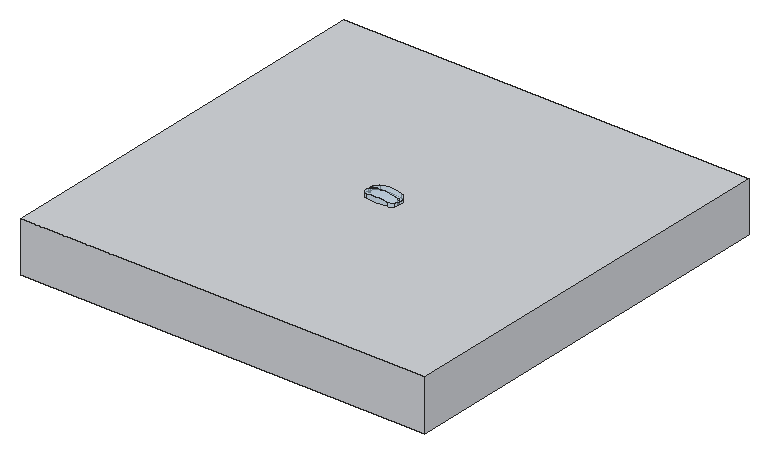
Revit family "GALAD Блистер LED", category Осветительные приборы, Revit 2018 (continued)
Types (3, lengths in mm): name | Файл фотометрической сетки | built-in parameter 1150142 | Материал рассеивателя | Материал корпуса | URL | IP | ADSK_Наименование краткое | ADSK_Наименование | ADSK_Марка | ADSK_Код изделия
    .84 165.27 154.42 143.43 131.88 120.75 109.19 97.50 85.95 74.82 64.53 54.53 45.79 37.62 30.57 23.95 18.74 12.82 9.72 7.04 5.64 5.07 4.65 4.09 3.80 3.52 2.96 2.40 2.11 1.83 1.69 1.27 0.99 0.70 0.42 0.28 0.28 0.14 0.14 0.14 0.14 0.14 0.42 0.70 0.85 0.85 1.41 0.99 0.14 0.00 0.00 0.14 \r\n287.28 287.28 287.71 287.14 285.31 283.48 280.66 277.14 273.20 268.83 263.76 258.12 252.48 245.44 238.39 230.65 222.47 213.74 204.86 195.42 185.56 175.41 164.85 154.00 143.01 131.46 120.04 108.63 96.94 85.66 74.39 63.83 54.24 45.37 37.20 29.87 23.25 17.89 11.98 8.17 5.92 4.79 4.23 3.95 3.38 2.96 2.82 2.40 1.97 1.69 1.41 1.27 0.99 0.70 0.42 0.28 0.14 0.14 0.14 0.00 0.00 0.00 0.14 0.28 0.56 0.70 0.56 1.27 0.85 0.14 0.00 0.00 0.14 \r\n287.28 287.28 287.71 287.00 285.31 283.62 280.52 277.00 273.20 268.69 263.61 257.98 251.78 245.44 238.11 230.22 222.33 213.74 204.72 195.14 185.42 175.13 164.71 153.72 142.44 131.31 119.62 108.21 96.37 85.10 73.83 63.40 53.54 44.95 36.77 29.73 22.82 17.47 10.00 5.64 4.79 4.09 3.66 3.24 2.82 2.40 2.25 1.97 1.55 1.27 1.13 0.99 0.70 0.56 0.28 0.14 0.14 0.00 0.00 0.00 0.00 0.00 0.14 0.28 0.42 0.56 0.42 0.99 0.70 0.14 0.00 0.00 0.14 \r\n287.28 287.28 287.71 286.86 285.31 283.34 280.38 276.86 273.34 268.41 263.61 257.84 251.64 245.16 237.69 230.22 222.05 213.74 204.44 194.86 185.14 175.13 164.28 153.29 142.16 130.75 119.48 108.07 95.95 84.54 73.41 62.84 53.12 44.66 36.63 29.45 22.68 16.63 10.14 5.49 4.09 3.38 2.96 2.54 2.11 1.83 1.83 1.69 1.41 1.13 0.99 0.85 0.56 0.42 0.28 0.14 0.00 0.00 0.00 0.00 0.00 0.00 0.00 0.14 0.42 0.42 0.28 0.70 0.56 0.00 0.00 0.00 0.14 \r\n287.28 287.14 287.71 286.86 285.31 283.20 280.52 276.86 273.34 268.41 263.61 257.98 251.78 245.02 237.83 230.22 222.05 213.46 204.16 194.72 184.71 174.71 164.00 153.29 142.16 130.61 119.34 107.50 95.81 84.54 73.12 62.70 52.98 44.52 36.63 29.31 22.40 16.77 9.30 4.93 4.09 3.38 2.96 2.68 2.11 1.83 1.83 1.55 1.41 1.13 0.99 0.85 0.70 0.42 0.28 0.14 0.00 0.00 0.00 0.00 0.00 0.00 0.00 0.14 0.28 0.42 0.14 0.56 0.42 0.00 0.00 0.00 0.14 \r\n287.28 287.14 287.71 286.72 285.17 283.06 280.52 276.86 273.34 268.55 263.61 258.12 251.64 245.02 238.11 230.08 221.91 213.32 204.44 194.72 184.71 174.57 163.86 153.15 141.88 130.61 119.20 107.50 95.95 84.26 73.27 62.84 53.12 44.24 36.49 29.17 22.12 16.77 8.45 5.21 4.65 3.95 3.52 3.10 2.54 2.25 2.11 1.83 1.55 1.41 1.27 0.99 0.85 0.56 0.42 0.28 0.14 0.14 0.14 0.00 0.00 0.00 0.00 0.14 0.14 0.28 0.14 0.28 0.28 0.00 0.00 0.00 0.14 \r\n287.28 287.14 287.57 286.86 285.17 283.06 280.52 277.00 273.05 268.69 263.47 257.84 251.36 244.88 238.11 229.66 222.05 213.32 204.58 194.58 185.00 174.71 164.14 153.15 141.88 130.89 119.20 107.64 96.09 84.68 73.41 62.84 53.12 44.38 36.35 28.88 22.40 17.19 10.99 7.89 5.49 4.51 4.09 3.66 3.10 2.68 2.40 2.11 1.83 1.69 1.41 1.27 0.99 0.70 0.56 0.28 0.28 0.28 0.14 0.14 0.14 0.14 0.00 0.00 0.14 0.14 0.00 0.14 0.14 0.00 0.00 0.00 0.14 \r\n287.28 287.00 287.57 286.86 285.17 283.06 280.38 277.00 272.91 268.69 263.47 257.70 251.64 244.88 237.83 229.94 222.05 212.89 204.16 195.00 185.14 174.71 164.28 153.58 142.44 131.17 119.48 107.78 96.37 84.68 73.83 62.98 53.40 44.52 36.49 29.45 22.97 17.75 11.69 8.74 6.34 5.21 4.79 4.37 3.80 3.24 2.82 2.54 2.25 2.11 1.83 1.55 1.27 0.99 0.70 0.56 0.42 0.28 0.28 0.28 0.14 0.14 0.14 0.14 0.14 0.14 0.00 0.14 0.14 0.00 0.00 0.00 0.14 \r\n287.28 287.00 287.57 286.86 285.17 282.92 280.24 277.00 273.05 268.69 263.33 257.84 252.06 245.02 237.97 230.22 222.19 213.32 204.16 195.14 185.42 174.99 164.57 153.72 142.59 131.17 119.76 108.35 96.51 85.10 74.11 63.54 53.82 44.95 36.91 29.73 23.53 18.32 12.96 9.58 7.61 6.34 5.64 5.07 4.51 4.09 3.52 3.10 2.82 2.54 2.25 1.83 1.55 1.27 0.99 0.70 0.56 0.42 0.42 0.28 0.28 0.14 0.14 0.14 0.14 0.14 0.14 0.00 0.14 0.00 0.00 0.00 0.14 \r\n287.28 287.00 287.43 286.86 285.17 282.92 280.24 277.00 273.05 268.83 263.47 257.84 252.06 245.02 238.11 230.36 222.33 213.88 204.58 195.42 185.28 175.41 164.71 153.72 143.01 131.46 120.32 108.63 97.08 85.52 74.67 63.97 54.39 45.51 37.34 30.29 24.09 19.02 14.09 10.57 8.17 7.04 6.48 5.92 5.35 4.79 4.09 3.66 3.24 2.96 2.68 2.25 1.83 1.55 1.27 0.99 0.85 0.70 0.56 0.42 0.28 0.28 0.28 0.28 0.14 0.28 0.14 0.14 0.00 0.00 0.00 0.00 0.14 \r\n287.28 286.86 287.43 286.86 285.03 282.78 280.24 277.00 273.05 268.69 263.61 258.12 252.06 245.16 238.39 230.50 222.76 214.02 204.86 195.70 185.70 175.70 165.13 154.14 143.15 132.16 120.47 109.05 97.64 86.23 75.38 64.81 55.09 45.93 38.04 30.86 24.94 19.73 15.36 11.41 8.88 7.75 7.33 6.76 6.06 5.49 4.93 4.37 3.80 3.52 3.10 2.68 2.25 1.97 1.55 1.27 1.13 0.85 0.70 0.56 0.42 0.28 0.28 0.28 0.28 0.42 0.28 0.14 0.00 0.00 0.00 0.00 0.14 \r\n287.28 286.86 287.43 286.72 285.17 282.92 280.38 277.00 273.05 268.55 263.76 258.12 252.06 245.44 238.54 230.65 222.90 214.30 205.28 195.99 185.84 175.98 165.55 154.56 143.71 132.30 121.03 109.48 97.92 86.65 75.66 65.38 55.65 46.64 38.61 31.56 25.50 20.43 16.20 12.40 9.72 8.31 7.89 7.47 6.90 6.20 5.35 4.79 4.37 3.95 3.52 3.10 2.68 2.25 1.97 1.69 1.41 1.13 0.99 0.70 0.56 0.42 0.42 0.42 0.56 0.56 0.56 0.28 0.14 0.00 0.00 0.00 0.14 \r\n287.28 286.86 287.28 286.72 285.17 282.92 280.38 277.14 273.34 268.55 263.90 258.12 251.92 245.58 238.54 230.93 222.76 214.44 205.57 195.99 186.26 176.26 165.69 154.84 144.14 132.58 121.17 109.62 98.49 87.21 76.37 66.08 56.36 47.48 39.45 32.26 26.35 21.28 17.19 13.53 10.71 9.02 8.31 8.03 7.61 6.90 6.20 5.49 4.93 4.51 4.09 3.52 3.10 2.68 2.25 1.97 1.69 1.41 1.27 0.99 0.70 0.56 0.42 0.56 0.70 0.85 0.85 0.56 0.14 0.00 0.00 0.00 0.14 \r\n287.28 286.86 287.28 286.72 285.17 282.92 280.38 277.14 273.48 268.69 263.90 258.26 252.34 246.00 238.68 231.07 222.90 214.44 205.28 196.41 186.55 176.54 165.97 155.41 144.28 133.00 121.59 110.32 98.77 87.64 76.93 66.64 56.92 48.19 40.16 33.11 27.05 22.12 17.89 14.37 11.55 9.86 8.88 8.59 8.17 7.47 6.62 6.06 5.49 5.07 4.51 3.95 3.38 2.96 2.68 2.25 1.97 1.69 1.41 1.27 0.99 0.70 0.70 0.70 0.85 0.99 0.99 0.70 0.28 0.00 0.00 0.00 0.14 \r\n287.28 286.86 287.28 286.72 285.03 282.78 280.24 277.00 273.20 268.97 264.04 258.40 252.48 246.00 238.82 231.07 223.46 214.72 205.71 196.69 186.97 176.82 166.40 155.69 144.70 133.57 122.02 110.60 99.47 88.34 77.63 67.21 57.63 48.75 40.72 33.81 27.90 22.82 18.74 15.36 12.54 10.57 9.44 8.88 8.59 8.03 7.19 6.62 6.06 5.49 4.93 4.37 3.80 3.38 2.96 2.68 2.25 1.97 1.69 1.41 1.27 0.99 0.85 0.85 0.99 1.27 1.27 0.99 0.28 0.00 0.00 0.00 0.14 \r\n287.28 286.72 287.28 286.72 285.03 282.92 280.24 277.14 273.20 269.11 263.90 258.54 252.48 246.00 239.10 231.35 223.46 215.01 206.13 196.69 187.11 177.11 166.54 155.69 144.98 133.99 122.58 111.17 99.89 88.76 78.20 67.91 58.33 49.45 41.56 34.52 28.60 23.67 19.58 16.20 13.39 11.41 10.14 9.44 9.16 8.59 7.75 7.04 6.48 5.92 5.35 4.79 4.23 3.80 3.38 2.96 2.54 2.25 1.97 1.69 1.41 1.27 1.13 1.13 1.27 1.41 1.55 1.13 0.42 0.00 0.00 0.00 0.14 \r\n287.28 286.72 287.14 286.72 285.03 283.06 280.38 277.14 273.34 269.11 263.90 258.68 252.62 246.43 239.24 231.49 223.60 215.15 206.41 196.97 187.25 177.39 166.96 155.97 145.12 134.13 123.00 111.45 100.32 89.19 78.62 68.62 59.04 50.44 42.55 35.51 29.45 24.52 20.43 17.05 14.37 12.26 10.85 10.00 9.58 9.02 8.31 7.61 7.04 6.48 5.78 5.21 4.65 4.09 3.66 3.24 2.96 2.54 2.25 1.97 1.69 1.55 1.41 1.41 1.55 1.69 1.69 1.27 0.42 0.00 0.00 0.00 0.14 \r\n287.28 286.72 287.14 286.72 285.03 283.06 280.52 277.14 273.34 269.11 264.04 258.82 252.91 246.28 239.38 231.63 223.88 215.29 206.69 197.39 187.53 177.53 167.38 156.39 145.83 134.55 123.14 111.87 100.74 89.61 79.04 69.18 59.74 51.14 43.25 36.35 30.29 25.36 21.28 17.89 15.08 12.96 11.41 10.57 10.00 9.58 9.02 8.31 7.47 6.76 6.06 5.49 4.93 4.51 3.95 3.52 3.24 2.82 2.54 2.25 1.97 1.83 1.69 1.69 1.83 1.97 1.97 1.55 0.56 0.00 0.00 0.00 0.14 \r\n287.28 286.72 287.14 286.72 285.03 283.06 280.52 277.14 273.48 268.97 264.18 258.97 253.05 246.28 239.24 231.63 223.88 215.43 206.83 197.39 187.81 177.53 167.38 156.82 145.97 134.70 123.56 112.43 101.16 90.17 79.75 69.88 60.44 51.71 43.96 37.20 31.14 26.07 21.98 18.60 15.92 13.81 12.26 11.27 10.57 10.00 9.44 8.88 8.03 7.19 6.48 5.92 5.35 4.79 4.37 3.80 3.52 3.10 2.68 2.40 2.25 2.11 2.11 2.11 2.25 2.40 2.25 1.69 0.70 0.00 0.00 0.00 0.14 \r\n287.28 286.72 287.00 286.72 285.03 282.92 280.66 277.14 273.34 269.11 264.18 258.82 253.05 246.43 239.38 231.91 224.02 215.57 206.83 197.68 188.09 177.81 167.67 157.10 146.25 135.12 123.99 112.72 101.59 90.74 80.45 70.45 61.15 52.41 44.66 37.76 31.98 26.91 22.82 19.44 16.77 14.51 12.96 11.84 11.13 10.57 10.14 9.44 8.59 7.61 6.90 6.20 5.64 5.07 4.65 4.09 3.66 3.38 2.96 2.68 2.54 2.40 2.54 2.68 2.82 2.82 2.54 1.97 0.70 0.00 0.00 0.00 0.14 \r\n287.28 286.72 287.00 286.72 285.17 283.06 280.66 277.28 273.34 269.39 264.46 258.82 253.05 246.57 239.52 232.20 224.30 215.85 206.97 197.96 188.38 178.23 167.95 157.24 146.39 135.26 124.13 112.86 101.87 91.16 80.73 70.87 61.71 53.26 45.51 38.61 32.83 27.76 23.67 20.29 17.47 15.36 13.67 12.54 11.84 11.27 10.71 9.86 9.02 8.03 7.19 6.62 5.92 5.35 4.93 4.37 3.95 3.52 3.24 2.96 2.82 2.82 2.82 3.10 3.24 3.24 2.82 2.11 0.85 0.00 0.00 0.00 0.14 \r\n287.28 286.72 287.00 286.72 285.31 283.20 280.52 277.42 273.48 269.39 264.46 259.11 253.19 246.85 239.94 232.34 224.73 216.27 207.26 198.10 188.66 178.51 168.23 157.66 146.67 135.82 124.69 113.28 102.29 91.72 81.30 71.57 62.42 53.96 46.35 39.59 33.67 28.60 24.37 20.99 18.18 16.06 14.23 13.10 12.26 11.69 11.13 10.29 9.44 8.45 7.47 6.90 6.20 5.64 5.07 4.65 4.23 3.80 3.52 3.24 3.10 3.10 3.38 3.52 3.66 3.52 3.10 2.40 0.99 0.00 0.00 0.00 0.14 \r\n287.28 286.72 287.00 286.72 285.31 283.20 280.38 277.42 273.76 269.39 264.60 259.39 253.33 246.99 240.09 232.62 224.87 216.56 207.82 198.52 188.66 178.80 168.09 157.80 147.09 135.82 124.69 113.42 102.71 92.29 81.72 72.14 62.98 54.53 47.06 40.30 34.38 29.31 25.08 21.56 18.88 16.63 14.93 13.67 12.82 12.26 11.55 10.57 9.72 8.74 7.89 7.19 6.62 5.92 5.35 4.93 4.37 4.09 3.80 3.52 3.52 3.52 3.66 3.95 4.09 3.80 3.38 2.54 1.13 0.14 0.00 0.00 0.14 \r\n287.28 286.72 286.86 286.58 285.17 283.06 280.52 277.42 273.76 269.53 264.74 259.39 253.47 247.13 240.09 232.62 224.73 216.41 207.82 198.52 188.80 179.22 168.93 158.23 147.52 136.39 125.54 114.27 103.14 92.71 82.42 72.84 63.83 55.51 47.90 41.00 35.22 30.15 25.92 22.40 19.58 17.33 15.50 14.23 13.24 12.54 11.84 10.85 10.00 9.16 8.31 7.47 6.76 6.20 5.64 5.07 4.65 4.23 4.09 3.80 3.80 3.95 4.09 4.37 4.37 4.09 3.52 2.82 1.27 0.14 0.00 0.00 0.14 \r\n287.28 286.72 286.86 286.58 285.03 283.06 280.52 277.56 273.76 269.39 264.74 259.25 253.47 247.13 240.23 233.04 225.01 216.41 207.96 198.80 188.94 179.22 168.93 158.37 147.52 136.53 125.26 114.41 103.42 92.85 82.85 73.27 64.25 56.08 48.47 41.85 35.93 30.86 26.63 23.11 20.15 17.89 16.06 14.79 13.67 12.82 11.98 10.99 10.14 9.44 8.74 7.75 7.04 6.34 5.78 5.35 4.93 4.51 4.37 4.23 4.23 4.37 4.51 4.65 4.51 4.23 3.66 2.96 1.41 0.14 0.00 0.00 0.14 \r\n287.28 286.72 286.86 286.44 285.03 282.92 280.52 277.56 273.62 269.39 264.74 259.11 253.05 247.13 239.94 232.76 224.87 216.27 207.82 198.52 189.08 179.08 168.79 158.37 147.52 136.53 125.68 114.41 103.56 93.13 83.13 73.69 64.81 56.64 49.17 42.55 36.63 31.56 27.33 23.67 20.85 18.46 16.63 15.22 14.09 12.96 12.12 11.27 10.29 9.58 8.88 7.89 7.04 6.48 5.92 5.49 5.07 4.79 4.65 4.51 4.51 4.65 4.79 4.93 4.65 4.23 3.80 2.96 1.55 0.14 0.00 0.00 0.14 \r\n287.28 286.58 286.72 286.30 285.03 282.92 280.52 277.28 273.62 269.25 264.60 259.25 253.33 247.13 240.23 232.62 224.87 216.56 207.82 198.94 189.08 179.08 168.93 158.37 147.66 136.67 125.54 114.69 104.12 93.70 83.69 74.25 65.38 57.20 49.74 43.11 37.20 32.12 27.76 24.23 21.28 19.02 17.05 15.64 14.23 12.96 12.12 11.27 10.43 9.86 9.16 8.31 7.47 6.76 6.20 5.78 5.35 5.07 4.93 4.93 4.93 5.07 5.21 5.07 4.79 4.37 3.95 3.10 1.55 0.14 0.00 0.00 0.14 \r\n287.28 286.58 286.72 286.16 284.89 282.92 280.38 277.28 273.62 269.25 264.46 259.39 253.47 246.99 240.09 232.76 225.01 216.84 208.24 198.80 189.22 179.36 169.21 158.79 147.94 137.09 125.96 114.97 104.26 93.70 83.83 74.53 65.66 57.77 50.30 43.68 38.04 32.97 28.60 24.94 21.98 19.58 17.61 15.92 14.37 13.10 12.12 11.27 10.43 9.72 9.02 8.31 7.47 6.90 6.48 6.06 5.64 5.49 5.35 5.21 5.35 5.35 5.35 5.21 4.93 4.51 3.95 3.10 1.69 0.28 0.00 0.00 0.14 \r\n287.28 286.58 286.58 286.02 284.89 282.92 280.24 277.28 273.48 269.11 264.46 259.39 253.61 246.99 240.09 232.76 225.01 216.70 208.10 198.94 189.22 179.36 169.07 158.51 147.94 136.95 125.82 115.11 104.54 94.12 84.26 74.96 66.36 58.19 51.00 44.38 38.46 33.39 29.02 25.36 22.40 19.87 17.75 15.92 14.23 12.96 11.98 11.27 10.57 9.86 9.16 8.45 7.75 7.04 6.62 6.34 6.06 5.78 5.64 5.64 5.78 5.78 5.64 5.35 5.07 4.51 4.09 3.24 1.69 0.28 0.00 0.00 0.14 \r\n287.28 286.58 286.58 285.88 284.89 283.06 280.24 277.14 273.48 269.11 264.60 259.39 253.47 246.99 240.23 232.90 224.87 216.84 208.24 199.23 189.50 179.36 168.93 158.65 148.08 137.23 126.24 115.39 104.83 94.40 84.68 75.38 66.64 58.75 51.43 44.80 39.03 33.96 29.59 25.92 22.82 20.29 18.18 16.06 14.09 12.68 11.69 10.99 10.29 9.58 9.16 8.59 7.89 7.33 6.90 6.62 6.34 6.20 6.20 6.06 6.06 6.06 5.78 5.49 5.07 4.65 4.09 3.24 1.83 0.42 0.00 0.00 0.14 \r\n287.28 286.58 286.44 285.88 284.89 283.06 280.38 277.28 273.62 269.25 264.60 259.39 253.33 246.99 240.37 232.90 224.87 216.84 208.10 198.94 189.36 179.50 169.36 158.79 147.94 137.23 126.38 115.53 104.83 94.68 84.82 75.66 67.21 59.18 51.85 45.37 39.59 34.38 30.01 26.21 23.25 20.71 18.32 15.92 13.81 12.26 11.69 11.13 10.43 9.72 9.16 8.74 8.03 7.47 7.19 6.90 6.76 6.62 6.62 6.48 6.48 6.20 5.92 5.49 5.07 4.65 4.09 3.38 1.97 0.56 0.00 0.00 0.14 \r\n287.28 286.72 286.44 285.74 284.75 283.06 280.38 277.28 273.62 269.39 264.74 259.39 253.47 246.99 240.23 232.90 224.87 216.70 208.10 199.08 189.50 179.50 169.21 158.93 148.22 137.37 126.38 115.39 104.97 94.82 84.96 75.94 67.35 59.60 52.41 45.93 40.01 35.08 30.57 26.91 23.67 21.13 18.60 16.06 13.53 11.69 10.85 10.57 10.29 9.72 9.30 8.88 8.45 7.89 7.61 7.33 7.19 7.19 7.04 6.90 6.62 6.34 5.92 5.49 5.21 4.79 4.23 3.52 2.25 0.70 0.00 0.00 0.14 \r\n287.28 286.72 286.44 285.59 284.61 282.78 280.24 277.28 273.34 269.25 264.46 259.25 253.33 247.13 240.23 232.90 225.01 216.84 207.82 198.80 189.22 179.22 169.07 158.65 148.22 137.09 126.24 115.67 105.25 95.10 85.24 76.22 67.77 59.88 52.69 46.07 40.30 35.22 30.86 27.05 23.95 21.42 18.88 16.34 13.67 11.41 10.43 10.43 10.14 9.58 9.16 8.88 8.59 8.17 8.03 7.89 7.75 7.61 7.33 7.04 6.76 6.34 5.92 5.64 5.21 4.79 4.23 3.66 2.54 0.99 0.00 0.00 0.14 \r\n287.28 286.72 286.44 285.59 284.33 282.64 280.24 277.28 273.34 269.25 264.46 259.11 253.33 246.85 240.09 232.76 225.01 216.84 208.10 198.94 189.22 179.36 169.21 158.51 147.94 137.37 126.52 115.67 105.11 95.10 85.52 76.51 68.05 60.16 53.12 46.64 40.86 35.65 31.28 27.47 24.37 21.84 19.30 16.34 13.39 11.13 9.86 10.00 10.14 9.86 9.44 9.30 9.02 8.74 8.45 8.31 8.17 7.89 7.47 7.19 6.76 6.48 6.06 5.64 5.35 4.93 4.37 3.66 2.68 1.13 0.00 0.00 0.14 \r\n287.28 286.72 286.44 285.59 284.19 282.35 280.24 277.28 273.48 269.39 264.46 259.11 253.47 246.85 240.23 233.04 225.01 216.70 208.10 198.94 189.36 179.50 169.36 158.79 148.08 137.23 126.52 115.82 105.11 95.10 85.38 76.37 68.05 60.44 53.26 46.78 41.00 35.93 31.56 27.62 24.52 21.98 19.44 16.77 13.67 10.71 9.02 9.16 9.72 9.72 9.72 9.72 9.58 9.30 9.02 8.74 8.31 8.03 7.61 7.19 6.90 6.48 6.06 5.78 5.35 4.93 4.37 3.80 2.82 1.27 0.14 0.00 0.14 \r\n287.28 286.72 286.58 285.59 284.04 282.21 279.82 276.86 273.34 269.39 264.32 258.97 253.05 246.71 240.23 232.62 224.87 216.70 207.82 198.52 189.08 179.36 169.21 158.79 148.08 137.23 126.38 115.67 105.39 95.39 85.66 76.65 68.33 60.58 53.54 47.20 41.28 36.21 31.84 28.04 24.80 22.12 19.58 16.34 13.10 10.29 8.74 9.02 10.00 10.29 10.14 10.14 10.00 9.58 9.16 8.88 8.45 8.03 7.75 7.33 6.90 6.62 6.20 5.78 5.35 4.93 4.51 3.95 2.96 1.41 0.14 0.00 0.14 \r\n287.28 286.72 286.58 285.59 284.19 282.07 279.39 276.44 272.91 268.97 264.18 259.11 253.19 246.85 239.94 232.62 224.87 216.41 207.96 198.94 188.94 178.94 168.79 158.51 147.94 137.09 126.38 115.67 105.39 95.25 85.66 76.65 68.47 60.73 53.68 47.20 41.42 36.35 31.98 28.18 24.94 22.26 19.58 16.34 12.68 9.86 8.31 8.45 
